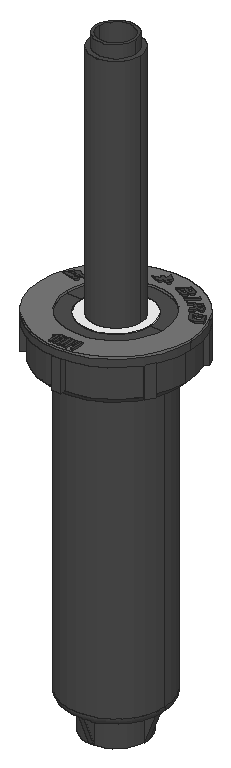
Revit family "Spray Bodies 1800 Series", category Acessórios do tubo, Revit 2020
Family settings
  Cota do conector redondo = Utilizar diâmetro
  Tipo de parte = Normal
  Número OmniClass = 23.60.30.11.14
  Título OmniClass = Pipework Fittings
  Com base no plano de trabalho = Não
  Sempre na vertical = Sim
  Corte com vazios quando carregada = Não
  Compartilhado = Não
Parameters (values of type "1804")
  White Plastic = White Plastic
  URL = "https://www.rainbird.com/"
  SupportProjetos: Reviw Date = "15/11/2020"  # constant formula
  SupportProjetos: Reviw = "R01"  # constant formula
  SupportProjetos: Level of Detail = "LOD 300"  # constant formula
  SupportProjetos: Developed = "MICHEL SOARES MOTA"  # constant formula
  SupportProjetos: Creation Date = "13/07/2020"  # constant formula
  Side inlet = Model > 1805  # no
  RainBird: Product Link = "https://store.rainbird.com/sprinklers/spray-heads.html?sprays_sprayheadseries=117"
  RainBird: Description = "Spray Bodies Serie 1800 - Model 1804"
  RainBird: Comment [instance] = ""
  RainBird: Code = "A44120"
  RT = 0.3015 cm
  RN = 1 cm
  R5 = 1 cm
  R4 = 1.25 cm
  R3 = 2 cm
  R2 = 2.85 cm
  R1 = 1 cm
  R-VAN = yes
  Pop up height = 10.2 cm
  Pop up on [instance] = yes
  Modelo = "1804"
  Model = 1804
  H1 = Body height / 3  # 5.0667 cm
  Elevação padrão = 0 cm
  Descrição = RainBird: Description  # "Spray Bodies Serie 1800 - Model 1804"
  DT8 = 0.08 cm
  DT7 = 3.05 cm
  DT6 = 2 cm
  DT5 = 0.12 cm
  DT4 = 0.5 cm
  DT3 = 0.7973 cm
  DT2 = 1 cm
  DT1 = 1.4 cm
  DD9 = 1.3673 cm
  DD8 [instance] = if(Pop up on, Pop up height, 0 cm)  # 10.2 cm
  DD7 = 0.6 cm
  DD6 = 0.3 cm
  DD5 = 0.2 cm
  DD3 = 1.8 cm
  DD2 = 0.5 cm
  DD13 = 1.5 cm
  DD12 [instance] = if(Pop up on, Pop up height + 1.51 cm, 0 cm)  # 11.71 cm
  DD11 = 0.2 cm
  DD10 = 2.7818 cm
  DD1 = 1.2 cm
  Conection = 1.91 cm  # constant formula
  Body height = 15.2 cm
  Black Plastic 2 = Black Plastic 2
  Black Plastic = Black Plastic
  Arch Angle [instance] = 180.00°
  AA1 = 135.00°
  1812 = no
  1806 = no
  1804 = yes
  180 = yes
Types (4, lengths in cm): name | Side inlet | RainBird: Description | RainBird: Code | Pop up height | Modelo | Model | H1 | Descrição | DD9 | DD8 | DD12 | DD11 | DD10 | Body height | 1812 | 1806 | 1804 | 180
  (no name) | no | "Spray Bodies Serie 1800 - Model 1804" | "A44120" | 10.2 | "1804" | 1804 | 5.0667 | "Spray Bodies Serie 1800 - Model 1804" | 1.3673 | 10.2 | 11.71 | 0.2 | 2.7818 | 15.2 | no | no | yes | yes
  1804 | no | "Spray Bodies Serie 1800 - Model 1804" | "A44120" | 10.2 | "1804" | 1804 | 5.0667 | "Spray Bodies Serie 1800 - Model 1804" | 1.3673 | 10.2 | 11.71 | 0.2 | 2.7818 | 15.2 | no | no | yes | yes
  1806 | yes | "Spray Bodies Serie 1800 - Model 1806" | "A44205" | 15.2 | "1806" | 1806 | 7.9333 | "Spray Bodies Serie 1800 - Model 1806" | 1.3673 | 15.2 | 16.71 | 0.1 | 2.7818 | 23.8 | no | yes | no | yes
  1812 | yes | "Spray Bodies Serie 1800 - Model 1812" | "A44305" | 30.5 | "1812" | 1812 | 13.5333 | "Spray Bodies Serie 1800 - Model 1812" | 2 | 30.5 | 32.01 | 0.6254 | 2.5 | 40.6 | yes | no | no | no
Reference planes (cm)
  plane 1 "Centro (Frente/Trás)": y = 0
  plane 2: z = 0
  plane 3 "Centro (Esquerda/Direita)": x = 0
  plane 4: z = 0.12
  plane 5: z = 0.08
  plane 6: y = -2
Forms (cm)
  Revolve 1, solid, material "Black Plastic" <- "Black Plastic"
    sketch origin (0, 0, 0) x (1, 0, 0) y (0, 0, 1)
      loop
        line (2.85, -1.5672) -> (2.85, -0.3) -> (3.05, -0.3) -> (3.05, 0) -> (1.4, 0) -> (1.4, -1) -> (1, -1) -> (1, -10.2) -> (0.6, -10.2) -> (0.6, -14) -> (1, -14) -> (1, -15.2) -> (1.25, -15.2) -> (1.25, -14) -> (1.6985, -14)
        arc (1.6985, -14) -> (1.9117, -13.9117) -> (2, -13.6985) r 0.3015
        line (2, -13.6985) -> (2, -2.1015)
        arc (2, -2.1015) -> (2.0883, -1.8883) -> (2.3015, -1.8) r 0.3015
        line (2.3015, -1.8) -> (2.6172, -1.8) -> (2.85, -1.5672)
      axis (0, -15.2) -> (0, 0)
    angle from 0 to 360
  Extrusion 2, solid, material "Black Plastic" <- "Black Plastic"
    sketch origin (0, 0, 0) x (1, 0, 0) y (0, 1, 0)
      loop
        circle (0, 0) r 1
    from -10.2 to 10.2
  Extrusion 3, void
    sketch origin (0, 0, 0) x (1, 0, 0) y (0, 1, 0)
      loop
        circle (0, 0) r 1
      loop
        circle (0, 0) r 0.7973
    from 9.7 to 10.2
  Extrusion 4, solid, material "Black Plastic" <- "Black Plastic", visible <- "180"
    sketch origin (0, -2.5, 0) x (1, 0, 0) y (0, 1, 0)
      loop
        line (-2.231, 3.2135) -> (-2.1644, 3.3339) -> (-2.3679, 3.3844) -> (-2.2992, 3.5085) -> (-2.0365, 3.4904) -> (-1.9715, 3.608) -> (-2.2887, 3.6298) -> (-2.4263, 3.706) -> (-2.6398, 3.6445) -> (-2.8298, 3.3622) -> (-2.231, 3.2135)
      loop
        line (-2.6663, 3.4585) -> (-2.4339, 3.4008) -> (-2.3526, 3.5478) -> (-2.4178, 3.6107) -> (-2.5587, 3.5701) -> (-2.6663, 3.4585)
      loop
        line (-1.9163, 3.7039) -> (-1.8175, 3.8064) -> (-1.8808, 3.8933) -> (-1.7232, 4.0568) -> (-1.6371, 4.0092) -> (-1.5763, 4.1193) -> (-2.1283, 4.1963) -> (-2.2118, 4.1098) -> (-1.9163, 3.7039)
      loop
        line (-2.0723, 4.0915) -> (-1.9537, 3.9286) -> (-1.8139, 4.0736) -> (-2.0723, 4.0915)
      loop
        line (-1.8177, 4.5186) -> (-1.3486, 4.2146) -> (-1.2727, 4.2934) -> (-1.7417, 4.5974) -> (-1.8177, 4.5186)
      loop
        line (-1.1151, 4.372) -> (-1.0305, 4.4599) -> (-1.2636, 4.6846) -> (-0.7593, 4.6142) -> (-0.6667, 4.7103) -> (-1.0803, 5.0567) -> (-1.1605, 4.9984) -> (-0.8466, 4.7354) -> (-1.4131, 4.8145) -> (-1.5049, 4.7477) -> (-1.1151, 4.372)
      loop
        line (-0.4562, 4.9237) -> (-0.283, 4.8466) -> (-0.0843, 4.7934) -> (0, 4.9138) -> (0.2358, 4.8722) -> (0.2981, 4.9345) -> (0.116, 5.0156) -> (0.2085, 5.1477) -> (-0.0336, 5.3172) -> (-0.0336, 5.1849) -> (-0.0336, 5.0821) -> (-0.1724, 5.1439) -> (-0.2428, 5.1033) -> (-0.1476, 5.0081) -> (-0.274, 4.9621) -> (-0.4562, 4.9237)
      loop
        line (0.6147, 4.7728) -> (0.9327, 4.5929) -> (1.0885, 4.5721) -> (1.1808, 4.6694) -> (1.1317, 4.7723) -> (1.2619, 4.7549) -> (1.334, 4.8309) -> (1.2754, 4.9539) -> (0.9573, 5.1338) -> (0.6147, 4.7728)
      loop
        line (0.8462, 4.8897) -> (0.7501, 4.7884) -> (0.9556, 4.6722) -> (1.0744, 4.6732) -> (1.0734, 4.7801) -> (0.8462, 4.8897)
      loop
        line (0.9989, 5.0507) -> (0.9222, 4.9699) -> (1.1173, 4.8595) -> (1.2037, 4.8602) -> (1.1883, 4.9435) -> (0.9989, 5.0507)
      loop
        line (1.2199, 4.4305) -> (1.3171, 4.3754) -> (1.7079, 4.7092) -> (1.6106, 4.7642) -> (1.2199, 4.4305)
      loop
        line (1.9335, 4.5079) -> (1.472, 4.2878) -> (1.5637, 4.2008) -> (1.7245, 4.2775) -> (1.8813, 4.1484) -> (1.7689, 4.0299) -> (1.857, 3.9063) -> (1.985, 3.9976) -> (2.0031, 4.1334) -> (2.1114, 4.0951) -> (2.2369, 4.155) -> (2.156, 4.3246) -> (1.9335, 4.5079)
      loop
        line (1.9261, 4.4053) -> (1.8225, 4.3559) -> (1.9436, 4.2141) -> (2.1112, 4.2155) -> (2.0556, 4.3321) -> (1.9261, 4.4053)
      loop
        line (1.9557, 3.8215) -> (2.1968, 3.4836) -> (2.3925, 3.4143) -> (2.7137, 3.5675) -> (2.6804, 3.6964) -> (2.4921, 3.9603) -> (1.9557, 3.8215)
      loop
        line (2.1302, 3.7523) -> (2.2577, 3.5736) -> (2.4889, 3.5756) -> (2.5959, 3.652) -> (2.4629, 3.8384) -> (2.1302, 3.7523)
      loop
        line (-0.516, -0.0627) -> (-0.4245, -0.0627) -> (-0.4245, -0.3834) -> (-0.3366, -0.3834) -> (-0.3366, 0.1166) -> (-0.516, -0.0627)
      loop
        line (-0.2745, 0.1165) -> (-0.2745, -0.3834) -> (-0.0345, -0.3834) -> (-0.0345, 0.1165) -> (-0.2745, 0.1165)
      loop
        line (-0.1945, 0.0365) -> (-0.1945, -0.0861) -> (-0.1145, -0.0861) -> (-0.1145, 0.0365) -> (-0.1945, 0.0365)
      loop
        line (-0.1945, -0.1661) -> (-0.1945, -0.3034) -> (-0.1145, -0.3034) -> (-0.1145, -0.1661) -> (-0.1945, -0.1661)
      loop
        line (0.0395, 0.1165) -> (0.0395, -0.3834) -> (0.2795, -0.3834) -> (0.2795, 0.1165) -> (0.0395, 0.1165)
      loop
        line (0.1195, 0.0365) -> (0.1195, -0.3034) -> (0.1995, -0.3034) -> (0.1995, 0.0365) -> (0.1195, 0.0365)
    from 0 to 0.12
  Extrusion 5, solid, material "Black Plastic 2" <- "Black Plastic 2"
    sketch origin (0, 0, 0) x (1, 0, 0) y (0, 1, 0)
      loop
        circle (0, 0) r 3.05
      loop
        circle (0, 0) r 2
    from 0 to 0.08
  Extrusion 6, solid, material "Black Plastic" <- "Black Plastic", visible <- "Side inlet"
    sketch origin (0, 0, 0) x (1, 0, 0) y (0, 0, 1)
      loop
        circle (0, -5.0667) r 1
    from 2 to 3.3673
  Extrusion 7, solid, material "Black Plastic" <- "Black Plastic", visible <- "Side inlet"
    sketch origin (0, 0, 0) x (1, 0, 0) y (0, 0, 1)
      loop
        circle (0, -5.0667) r 0.7964
    from 3.3673 to 3.8673
  Extrusion 8, void
    sketch origin (0, 0, 0) x (1, 0, 0) y (0, 1, 0)
      loop
        circle (0, 0) r 0.6963
    from -10.2 to 10.2
  Extrusion 9, solid, material "Black Plastic" <- "Black Plastic"
    sketch origin (0, 0, 0) x (0, 1, 0) y (0, 0, 1)
      loop
        line (1.25, -14) -> (1.25, -15.2) -> (1.75, -14) -> (1.25, -14)
      loop
        line (-1.25, -14) -> (-1.75, -14) -> (-1.25, -15.2) -> (-1.25, -14)
    from -0.1 to 0.1
  Extrusion 10, solid, material "Black Plastic" <- "Black Plastic"
    sketch origin (0, 0, 0) x (-1, 0, 0) y (0, 0, 1)
      loop
        line (1.25, -14) -> (1.25, -15.2) -> (1.75, -14) -> (1.25, -14)
      loop
        line (-1.25, -14) -> (-1.75, -14) -> (-1.25, -15.2) -> (-1.25, -14)
    from -0.1 to 0.1
  Extrusion 11, solid, material "Black Plastic" <- "Black Plastic", visible <- "1804"
    sketch origin (0.5778, -2.5, 0) x (1, 0, 0) y (0, 1, 0)
      loop
        line (-0.268, -0.156) -> (-0.108, -0.156) -> (-0.108, -0.3834) -> (-0.024, -0.3834) -> (-0.024, 0.1165) -> (-0.108, 0.1165) -> (-0.108, -0.0861) -> (-0.188, -0.0861) -> (-0.188, 0.1165) -> (-0.268, 0.1165) -> (-0.268, -0.156)
    from 0 to 0.12
  Extrusion 12, solid, material "Black Plastic" <- "Black Plastic", visible <- "1806"
    sketch origin (0.5778, -2.5, 0) x (1, 0, 0) y (0, 1, 0)
      loop
        line (-0.268, -0.3834) -> (-0.024, -0.3834) -> (-0.024, -0.0861) -> (-0.188, -0.0861) -> (-0.188, 0.0365) -> (-0.024, 0.0365) -> (-0.024, 0.1165) -> (-0.268, 0.1165) -> (-0.268, -0.3834)
      loop
        line (-0.188, -0.1661) -> (-0.188, -0.3034) -> (-0.108, -0.3034) -> (-0.108, -0.1661) -> (-0.188, -0.1661)
    from 0 to 0.12
  Extrusion 13, solid, material "Black Plastic" <- "Black Plastic", visible <- "1812"
    sketch origin (0, -2.5, 0) x (1, 0, 0) y (0, 1, 0)
      loop
        line (-2.231, 3.2135) -> (-2.1644, 3.3339) -> (-2.3679, 3.3844) -> (-2.2992, 3.5085) -> (-2.0365, 3.4904) -> (-1.9715, 3.608) -> (-2.2887, 3.6298) -> (-2.4263, 3.706) -> (-2.6398, 3.6445) -> (-2.8298, 3.3622) -> (-2.231, 3.2135)
      loop
        line (-2.6663, 3.4585) -> (-2.4339, 3.4008) -> (-2.3526, 3.5478) -> (-2.4178, 3.6107) -> (-2.5587, 3.5701) -> (-2.6663, 3.4585)
      loop
        line (-1.9163, 3.7039) -> (-1.8175, 3.8064) -> (-1.8808, 3.8933) -> (-1.7232, 4.0568) -> (-1.6371, 4.0092) -> (-1.5763, 4.1193) -> (-2.1283, 4.1963) -> (-2.2118, 4.1098) -> (-1.9163, 3.7039)
      loop
        line (-2.0723, 4.0915) -> (-1.9537, 3.9286) -> (-1.8139, 4.0736) -> (-2.0723, 4.0915)
      loop
        line (-1.8177, 4.5186) -> (-1.3486, 4.2146) -> (-1.2727, 4.2934) -> (-1.7417, 4.5974) -> (-1.8177, 4.5186)
      loop
        line (-1.1151, 4.372) -> (-1.0305, 4.4599) -> (-1.2636, 4.6846) -> (-0.7593, 4.6142) -> (-0.6667, 4.7103) -> (-1.0803, 5.0567) -> (-1.1605, 4.9984) -> (-0.8466, 4.7354) -> (-1.4131, 4.8145) -> (-1.5049, 4.7477) -> (-1.1151, 4.372)
      loop
        line (-0.4562, 4.9237) -> (-0.283, 4.8466) -> (-0.0843, 4.7934) -> (0, 4.9138) -> (0.2358, 4.8722) -> (0.2981, 4.9345) -> (0.116, 5.0156) -> (0.2085, 5.1477) -> (-0.0336, 5.3172) -> (-0.0336, 5.1849) -> (-0.0336, 5.0821) -> (-0.1724, 5.1439) -> (-0.2428, 5.1033) -> (-0.1476, 5.0081) -> (-0.274, 4.9621) -> (-0.4562, 4.9237)
      loop
        line (0.6147, 4.7728) -> (0.9327, 4.5929) -> (1.0885, 4.5721) -> (1.1808, 4.6694) -> (1.1317, 4.7723) -> (1.2619, 4.7549) -> (1.334, 4.8309) -> (1.2754, 4.9539) -> (0.9573, 5.1338) -> (0.6147, 4.7728)
      loop
        line (0.8462, 4.8897) -> (0.7501, 4.7884) -> (0.9556, 4.6722) -> (1.0744, 4.6732) -> (1.0734, 4.7801) -> (0.8462, 4.8897)
      loop
        line (0.9989, 5.0507) -> (0.9222, 4.9699) -> (1.1173, 4.8595) -> (1.2037, 4.8602) -> (1.1883, 4.9435) -> (0.9989, 5.0507)
      loop
        line (1.2199, 4.4305) -> (1.3171, 4.3754) -> (1.7079, 4.7092) -> (1.6106, 4.7642) -> (1.2199, 4.4305)
      loop
        line (1.9335, 4.5079) -> (1.472, 4.2878) -> (1.5637, 4.2008) -> (1.7245, 4.2775) -> (1.8813, 4.1484) -> (1.7689, 4.0299) -> (1.857, 3.9063) -> (1.985, 3.9976) -> (2.0031, 4.1334) -> (2.1114, 4.0951) -> (2.2369, 4.155) -> (2.156, 4.3246) -> (1.9335, 4.5079)
      loop
        line (1.9261, 4.4053) -> (1.8225, 4.3559) -> (1.9436, 4.2141) -> (2.1112, 4.2155) -> (2.0556, 4.3321) -> (1.9261, 4.4053)
      loop
        line (1.9557, 3.8215) -> (2.1968, 3.4836) -> (2.3925, 3.4143) -> (2.7137, 3.5675) -> (2.6804, 3.6964) -> (2.4921, 3.9603) -> (1.9557, 3.8215)
      loop
        line (2.1302, 3.7523) -> (2.2577, 3.5736) -> (2.4889, 3.5756) -> (2.5959, 3.652) -> (2.4629, 3.8384) -> (2.1302, 3.7523)
      loop
        line (-0.516, -0.0625) -> (-0.4245, -0.0625) -> (-0.4245, -0.3832) -> (-0.3366, -0.3832) -> (-0.3366, 0.1168) -> (-0.516, -0.0625)
      loop
        line (-0.2745, 0.1166) -> (-0.2745, -0.3832) -> (-0.0345, -0.3832) -> (-0.0345, 0.1166) -> (-0.2745, 0.1166)
      loop
        line (-0.1945, 0.0366) -> (-0.1945, -0.086) -> (-0.1145, -0.086) -> (-0.1145, 0.0366) -> (-0.1945, 0.0366)
      loop
        line (-0.1945, -0.166) -> (-0.1945, -0.3032) -> (-0.1145, -0.3032) -> (-0.1145, -0.166) -> (-0.1945, -0.166)
      loop
        line (0.2795, 0.1166) -> (0.1002, -0.0625) -> (0.1916, -0.0625) -> (0.1916, -0.3831) -> (0.2795, -0.3831) -> (0.2795, 0.1166)
      loop
        line (0.3097, 0.1165) -> (0.3097, 0.0365) -> (0.4697, 0.0365) -> (0.4697, -0.0861) -> (0.3097, -0.0861) -> (0.3097, -0.3834) -> (0.5537, -0.3834) -> (0.5537, -0.3032) -> (0.3897, -0.3032) -> (0.3897, -0.1664) -> (0.5537, -0.1664) -> (0.5537, 0.1165) -> (0.3097, 0.1165)
    from 0 to 0.12
  Extrusion 14, solid, material "Black Plastic" <- "Black Plastic"
    sketch origin (0, 0, 0) x (1, 0, 0) y (0, 1, 0)
      loop
        line (-0.1873, 3.0442) -> (-0.1873, 2.8126)
        arc (-0.1873, 2.8126) -> (0, 2.8188) -> (0.1873, 2.8126) r 2.8188
        line (0.1873, 2.8126) -> (0.1873, 3.0442)
        arc (0.1873, 3.0442) -> (0, 3.05) -> (-0.1873, 3.0442) r 3.05
      loop
        arc (-0.1873, -3.0442) -> (0, -3.05) -> (0.1873, -3.0442) r 3.05
        line (0.1873, -3.0442) -> (0.1873, -2.8126)
        arc (0.1873, -2.8126) -> (0, -2.8188) -> (-0.1873, -2.8126) r 2.8188
        line (-0.1873, -2.8126) -> (-0.1873, -3.0442)
      loop
        line (-2.73, 1.3599) -> (-2.5294, 1.2441)
        arc (-2.5294, 1.2441) -> (-2.4411, 1.4094) -> (-2.3421, 1.5685) r 2.8188
        line (-2.3421, 1.5685) -> (-2.5427, 1.6843)
        arc (-2.5427, 1.6843) -> (-2.6414, 1.525) -> (-2.73, 1.3599) r 3.05
      loop
        arc (2.5427, -1.6843) -> (2.6414, -1.525) -> (2.73, -1.3599) r 3.05
        line (2.73, -1.3599) -> (2.5294, -1.2441)
        arc (2.5294, -1.2441) -> (2.4411, -1.4094) -> (2.3421, -1.5685) r 2.8188
        line (2.3421, -1.5685) -> (2.5427, -1.6843)
      loop
        line (-2.5427, -1.6843) -> (-2.3421, -1.5685)
        arc (-2.3421, -1.5685) -> (-2.4411, -1.4094) -> (-2.5294, -1.2441) r 2.8188
        line (-2.5294, -1.2441) -> (-2.73, -1.3599)
        arc (-2.73, -1.3599) -> (-2.6414, -1.525) -> (-2.5427, -1.6843) r 3.05
      loop
        arc (2.73, 1.3599) -> (2.6414, 1.525) -> (2.5427, 1.6843) r 3.05
        line (2.5427, 1.6843) -> (2.3421, 1.5685)
        arc (2.3421, 1.5685) -> (2.4411, 1.4094) -> (2.5294, 1.2441) r 2.8188
        line (2.5294, 1.2441) -> (2.73, 1.3599)
    from -1.5672 to -0.3
Cuts and joins
  Extrusion 3, Extrusion 8 cuts Extrusion 2
Dimensions and locks (cm)
  "Body height": level to Revolve 1 sketch curve
  "R2": Revolve 1 sketch curve to plane 3 "Centro (Esquerda/Direita)"
  "DD1": Revolve 1 sketch curve to Revolve 1 sketch curve
  "DD3": level to Revolve 1 sketch curve
  "R3": Revolve 1 sketch curve to plane 3 "Centro (Esquerda/Direita)"
  "R4": Revolve 1 sketch curve to plane 3 "Centro (Esquerda/Direita)"
  "DD5": Revolve 1 sketch curve to Revolve 1 sketch curve
  "DD6": level to Revolve 1 sketch curve
  "RN": Revolve 1 sketch curve to plane 3 "Centro (Esquerda/Direita)"
  "Pop up height": level to Revolve 1 sketch curve
  "R5": plane 3 "Centro (Esquerda/Direita)" to Revolve 1 sketch curve
  "DD7": Revolve 1 sketch curve to plane 3 "Centro (Esquerda/Direita)"
  "DT1": plane 3 "Centro (Esquerda/Direita)" to Revolve 1 sketch curve
  "DT2": level to Revolve 1 sketch curve
  "DD8": Extrusion 2 to level
  "DT4": cut or joined group of Extrusion 2, Extrusion 3, Extrusion 8 to cut or joined group of Extrusion 2, Extrusion 3, Extrusion 8
  "DT5": plane 4 to level
  "DT8": plane 5 to level
  "H1": level to Extrusion 6 sketch curve
  "R3": plane 6 to plane 1 "Centro (Frente/Trás)"
  "DD9": Extrusion 6 to plane 6
  locked: Extrusion 7 to Extrusion 6 at 0.5
  "H1": level to Extrusion 7 sketch curve
  equal spacing: Extrusion 9, plane 3 "Centro (Esquerda/Direita)", Extrusion 9
  "DD11": Extrusion 9 to Extrusion 9
  equal spacing: Extrusion 10, plane 1 "Centro (Frente/Trás)", Extrusion 10
  "DD11": Extrusion 10 to Extrusion 10
  plane 3 "Centro (Esquerda/Direita)" to Extrusion 14 = 0.1873 cm
  "RT": radius of Revolve 1 sketch curve  (x2)
  "R1": radius of Extrusion 2 sketch curve
  "R1": radius of Extrusion 3 sketch curve
  "DT3": radius of Extrusion 3 sketch curve
  "DT6": radius of Extrusion 5 sketch curve
  "DT7": radius of Extrusion 5 sketch curve
  "AA1": angle Revolve 1 sketch curve to Revolve 1 sketch curve
  aligned and locked: level to plane 2
  aligned and locked: level to Revolve 1 sketch curve
  aligned and locked: Revolve 1 sketch curve to Revolve 1 sketch curve
  aligned and locked: Extrusion 2 to Revolve 1
  aligned and locked: cut or joined group of Extrusion 2, Extrusion 3, Extrusion 8 to cut or joined group of Extrusion 2, Extrusion 3, Extrusion 8  (x3)
  aligned and locked: Extrusion 4 to level
  aligned and locked: plane 4 to Extrusion 4
  aligned and locked: Extrusion 5 to level
  aligned and locked: plane 5 to Extrusion 5
  aligned and locked: plane 6 to Extrusion 6
  aligned and locked: Extrusion 7 to Extrusion 6
  aligned and locked: Extrusion 9 to Revolve 1
  aligned and locked: Extrusion 10 to Revolve 1
  aligned and locked: Revolve 1 to Extrusion 10
  aligned and locked: Revolve 1 to Extrusion 9
  aligned and locked: Revolve 1 to Extrusion 14  (x2)
Automatic sketch dimensions
  plane 1 "Centro (Frente/Trás)" to Extrusion 2 sketch curve = 0 cm
  Extrusion 2 sketch curve to plane 3 "Centro (Esquerda/Direita)" = 0 cm
  Extrusion 4 sketch curve to plane 3 "Centro (Esquerda/Direita)" = 0 cm
  Extrusion 4 sketch curve to plane 3 "Centro (Esquerda/Direita)" = 0.0336 cm
  Extrusion 4 sketch curve to plane 3 "Centro (Esquerda/Direita)" = 0.0345 cm
  Extrusion 4 sketch curve to plane 3 "Centro (Esquerda/Direita)" = 0.0843 cm
  Extrusion 4 sketch curve to plane 3 "Centro (Esquerda/Direita)" = 0.1145 cm
  Extrusion 4 sketch curve to Extrusion 4 sketch curve = 0.08 cm  (x11)
  Extrusion 4 sketch curve to Extrusion 4 sketch curve = 0.114 cm
  Extrusion 4 sketch curve to Extrusion 4 sketch curve = 0.0248 cm
  Extrusion 4 sketch curve to Extrusion 4 sketch curve = 0.0704 cm
  Extrusion 4 sketch curve to Extrusion 4 sketch curve = 0.1264 cm
  Extrusion 4 sketch curve to Extrusion 4 sketch curve = 0.009 cm
  Extrusion 4 sketch curve to Extrusion 4 sketch curve = 0.0622 cm  (x3)
  Extrusion 4 sketch curve to Extrusion 4 sketch curve = 0.0879 cm
  Extrusion 4 sketch curve to Extrusion 4 sketch curve = 0.1822 cm
  Extrusion 4 sketch curve to Extrusion 4 sketch curve = 0.0914 cm
  Extrusion 4 sketch curve to Extrusion 4 sketch curve = 0.2105 cm
  Extrusion 4 sketch curve to Extrusion 4 sketch curve = 0.0927 cm
  Extrusion 4 sketch curve to Extrusion 4 sketch curve = 0.0872 cm  (x2)
  Extrusion 4 sketch curve to Extrusion 4 sketch curve = 0.2711 cm
  Extrusion 4 sketch curve to Extrusion 4 sketch curve = 0.2338 cm
  Extrusion 4 sketch curve to Extrusion 4 sketch curve = 0.0847 cm  (x2)
  Extrusion 4 sketch curve to Extrusion 4 sketch curve = 0.0802 cm
  Extrusion 4 sketch curve to Extrusion 4 sketch curve = 0.2331 cm
  Extrusion 4 sketch curve to Extrusion 4 sketch curve = 0.1575 cm
  Extrusion 4 sketch curve to Extrusion 4 sketch curve = 0.0759 cm  (x2)
  Extrusion 4 sketch curve to Extrusion 4 sketch curve = 0.1495 cm
  Extrusion 4 sketch curve to Extrusion 4 sketch curve = 0.0917 cm  (x2)
  Extrusion 4 sketch curve to Extrusion 4 sketch curve = 0.2277 cm
  Extrusion 4 sketch curve to Extrusion 4 sketch curve = 0.0609 cm  (x2)
  Extrusion 4 sketch curve to Extrusion 4 sketch curve = 0.0861 cm
  Extrusion 4 sketch curve to Extrusion 4 sketch curve = 0.2369 cm
  Extrusion 4 sketch curve to Extrusion 4 sketch curve = 0.0907 cm
  Extrusion 4 sketch curve to Extrusion 4 sketch curve = 0.0037 cm
  Extrusion 4 sketch curve to Extrusion 4 sketch curve = 0.0633 cm
  Extrusion 4 sketch curve to Extrusion 4 sketch curve = 0.0988 cm
  Extrusion 4 sketch curve to Extrusion 4 sketch curve = 0.0729 cm
  Extrusion 4 sketch curve to Extrusion 4 sketch curve = 0.0551 cm
  Extrusion 4 sketch curve to plane 1 "Centro (Frente/Trás)" = 0.9904 cm
  Extrusion 4 sketch curve to Extrusion 4 sketch curve = 0.065 cm
  Extrusion 4 sketch curve to Extrusion 4 sketch curve = 0.1186 cm
  Extrusion 4 sketch curve to Extrusion 4 sketch curve = 0.056 cm
  Extrusion 4 sketch curve to plane 1 "Centro (Frente/Trás)" = 0.8339 cm
  Extrusion 4 sketch curve to Extrusion 4 sketch curve = 0.1279 cm
  Extrusion 4 sketch curve to Extrusion 4 sketch curve = 0.0835 cm
  Extrusion 4 sketch curve to plane 1 "Centro (Frente/Trás)" = 0.7135 cm
  Extrusion 4 sketch curve to Extrusion 4 sketch curve = 0.0666 cm  (x2)
  Extrusion 4 sketch curve to plane 1 "Centro (Frente/Trás)" = 1.1298 cm
  Extrusion 4 sketch curve to Extrusion 4 sketch curve = 0.2521 cm
  Extrusion 4 sketch curve to plane 1 "Centro (Frente/Trás)" = 1.0085 cm
  Extrusion 4 sketch curve to Extrusion 4 sketch curve = 0.0106 cm
  Extrusion 4 sketch curve to plane 1 "Centro (Frente/Trás)" = 1.0478 cm
  Extrusion 4 sketch curve to Extrusion 4 sketch curve = 0.0534 cm
  Extrusion 4 sketch curve to plane 1 "Centro (Frente/Trás)" = 0.8844 cm
  Extrusion 4 sketch curve to Extrusion 4 sketch curve = 0.0686 cm
  Extrusion 4 sketch curve to plane 1 "Centro (Frente/Trás)" = 1.1107 cm
  Extrusion 4 sketch curve to Extrusion 4 sketch curve = 0.0652 cm
  Extrusion 4 sketch curve to plane 1 "Centro (Frente/Trás)" = 1.206 cm
  Extrusion 4 sketch curve to Extrusion 4 sketch curve = 0.0084 cm
  Extrusion 4 sketch curve to plane 1 "Centro (Frente/Trás)" = 0.9008 cm
  Extrusion 4 sketch curve to Extrusion 4 sketch curve = 0.066 cm
  Extrusion 4 sketch curve to plane 1 "Centro (Frente/Trás)" = 1.0701 cm
  Extrusion 4 sketch curve to Extrusion 4 sketch curve = 0.1408 cm
  Extrusion 4 sketch curve to plane 1 "Centro (Frente/Trás)" = 1.1445 cm
  Extrusion 4 sketch curve to Extrusion 4 sketch curve = 0.0811 cm  (x2)
  Extrusion 4 sketch curve to plane 1 "Centro (Frente/Trás)" = 0.9585 cm
  Extrusion 4 sketch curve to Extrusion 4 sketch curve = 0.1076 cm
  Extrusion 4 sketch curve to plane 1 "Centro (Frente/Trás)" = 0.8622 cm
  Extrusion 4 sketch curve to Extrusion 4 sketch curve = 0.1635 cm
  plane 3 "Centro (Esquerda/Direita)" to Extrusion 4 sketch curve = 0.0395 cm
  plane 3 "Centro (Esquerda/Direita)" to Extrusion 4 sketch curve = 0.116 cm
  Extrusion 4 sketch curve to Extrusion 4 sketch curve = 0.0925 cm
  Extrusion 4 sketch curve to Extrusion 4 sketch curve = 0.1199 cm
  Extrusion 4 sketch curve to Extrusion 4 sketch curve = 0.3166 cm
  Extrusion 4 sketch curve to Extrusion 4 sketch curve = 0.1353 cm
  Extrusion 4 sketch curve to Extrusion 4 sketch curve = 0.0961 cm  (x2)
  Extrusion 4 sketch curve to Extrusion 4 sketch curve = 0.076 cm  (x2)
  Extrusion 4 sketch curve to Extrusion 4 sketch curve = 0.1827 cm
  Extrusion 4 sketch curve to Extrusion 4 sketch curve = 0.0229 cm
  Extrusion 4 sketch curve to Extrusion 4 sketch curve = 0.0351 cm
  Extrusion 4 sketch curve to Extrusion 4 sketch curve = 0.0416 cm
  Extrusion 4 sketch curve to Extrusion 4 sketch curve = 0.1178 cm
  Extrusion 4 sketch curve to Extrusion 4 sketch curve = 0.0009 cm
  Extrusion 4 sketch curve to Extrusion 4 sketch curve = 0.0141 cm
  Extrusion 4 sketch curve to Extrusion 4 sketch curve = 0.0439 cm
  Extrusion 4 sketch curve to Extrusion 4 sketch curve = 0.0583 cm
  Extrusion 4 sketch curve to Extrusion 4 sketch curve = 0.1064 cm
  Extrusion 4 sketch curve to Extrusion 4 sketch curve = 0.071 cm
  Extrusion 4 sketch curve to Extrusion 4 sketch curve = 0.0154 cm
  Extrusion 4 sketch curve to Extrusion 4 sketch curve = 0.1314 cm
  Extrusion 4 sketch curve to Extrusion 4 sketch curve = 0.0871 cm
  Extrusion 4 sketch curve to Extrusion 4 sketch curve = 0.0973 cm  (x3)
  Extrusion 4 sketch curve to Extrusion 4 sketch curve = 0.0721 cm
  Extrusion 4 sketch curve to Extrusion 4 sketch curve = 0.1549 cm
  Extrusion 4 sketch curve to Extrusion 4 sketch curve = 0.2766 cm
  Extrusion 4 sketch curve to Extrusion 4 sketch curve = 0.1608 cm
  Extrusion 4 sketch curve to Extrusion 4 sketch curve = 0.0443 cm
  Extrusion 4 sketch curve to Extrusion 4 sketch curve = 0.098 cm
  Extrusion 4 sketch curve to Extrusion 4 sketch curve = 0.0882 cm
  Extrusion 4 sketch curve to Extrusion 4 sketch curve = 0.1125 cm
  Extrusion 4 sketch curve to Extrusion 4 sketch curve = 0.1036 cm
  Extrusion 4 sketch curve to Extrusion 4 sketch curve = 0.0073 cm
  Extrusion 4 sketch curve to Extrusion 4 sketch curve = 0.0623 cm
  Extrusion 4 sketch curve to Extrusion 4 sketch curve = 0.0987 cm
  Extrusion 4 sketch curve to Extrusion 4 sketch curve = 0.128 cm
  Extrusion 4 sketch curve to Extrusion 4 sketch curve = 0.0595 cm
  Extrusion 4 sketch curve to Extrusion 4 sketch curve = 0.1295 cm
  Extrusion 4 sketch curve to Extrusion 4 sketch curve = 0.0556 cm
  Extrusion 4 sketch curve to Extrusion 4 sketch curve = 0.1083 cm
  Extrusion 4 sketch curve to Extrusion 4 sketch curve = 0.1745 cm
  Extrusion 4 sketch curve to Extrusion 4 sketch curve = 0.1004 cm
  Extrusion 4 sketch curve to plane 1 "Centro (Frente/Trás)" = 0.9836 cm
  Extrusion 4 sketch curve to Extrusion 4 sketch curve = 0.1255 cm
  Extrusion 4 sketch curve to plane 1 "Centro (Frente/Trás)" = 1.0736 cm
  Extrusion 4 sketch curve to plane 1 "Centro (Frente/Trás)" = 0.9143 cm
  Extrusion 4 sketch curve to Extrusion 4 sketch curve = 0.1957 cm
  Extrusion 4 sketch curve to Extrusion 4 sketch curve = 0.2053 cm
  Extrusion 4 sketch curve to plane 1 "Centro (Frente/Trás)" = 1.0756 cm
  Extrusion 4 sketch curve to Extrusion 4 sketch curve = 0.0964 cm
  Extrusion 4 sketch curve to Extrusion 4 sketch curve = 0.0292 cm
  Extrusion 4 sketch curve to plane 1 "Centro (Frente/Trás)" = 1.152 cm
  Extrusion 4 sketch curve to Extrusion 4 sketch curve = 0.107 cm
  Extrusion 4 sketch curve to plane 1 "Centro (Frente/Trás)" = 1.1964 cm
  Extrusion 4 sketch curve to Extrusion 4 sketch curve = 0.0844 cm
  Extrusion 4 sketch curve to plane 1 "Centro (Frente/Trás)" = 1.0675 cm
  Extrusion 4 sketch curve to Extrusion 4 sketch curve = 0.0333 cm
  Extrusion 4 sketch curve to plane 6 = 0.3834 cm
  Extrusion 4 sketch curve to Extrusion 4 sketch curve = 0.0001 cm
  Extrusion 4 sketch curve to Extrusion 4 sketch curve = 0 cm  (x4)
  Extrusion 4 sketch curve to Extrusion 4 sketch curve = 0.1793 cm
  Extrusion 4 sketch curve to Extrusion 4 sketch curve = 0.1226 cm
  Extrusion 4 sketch curve to Extrusion 4 sketch curve = 0.1372 cm
  Extrusion 4 sketch curve to Extrusion 4 sketch curve = 0.1176 cm
  Extrusion 4 sketch curve to Extrusion 4 sketch curve = 0.096 cm
  Extrusion 4 sketch curve to Extrusion 4 sketch curve = 0.1787 cm
  Extrusion 4 sketch curve to Extrusion 4 sketch curve = 0.1025 cm
  Extrusion 4 sketch curve to Extrusion 4 sketch curve = 0.0692 cm
  Extrusion 4 sketch curve to Extrusion 4 sketch curve = 0.0869 cm
  Extrusion 4 sketch curve to Extrusion 4 sketch curve = 0.0353 cm
  Extrusion 4 sketch curve to Extrusion 4 sketch curve = 0.1219 cm
  Extrusion 4 sketch curve to Extrusion 4 sketch curve = 0.0913 cm
  Extrusion 4 sketch curve to Extrusion 4 sketch curve = 0.1159 cm
  Extrusion 4 sketch curve to Extrusion 4 sketch curve = 0.0476 cm
  Extrusion 4 sketch curve to Extrusion 4 sketch curve = 0.0168 cm
  Extrusion 4 sketch curve to Extrusion 4 sketch curve = 0.1629 cm
  Extrusion 4 sketch curve to Extrusion 4 sketch curve = 0.0975 cm
  Extrusion 4 sketch curve to Extrusion 4 sketch curve = 0.0183 cm
  Extrusion 4 sketch curve to Extrusion 4 sketch curve = 0.0383 cm
  Extrusion 4 sketch curve to Extrusion 4 sketch curve = 0.015 cm
  Extrusion 4 sketch curve to Extrusion 4 sketch curve = 0.0599 cm
  Extrusion 4 sketch curve to Extrusion 4 sketch curve = 0.1049 cm
  Extrusion 4 sketch curve to Extrusion 4 sketch curve = 0.1709 cm
  Extrusion 4 sketch curve to Extrusion 4 sketch curve = 0.0657 cm
  Extrusion 4 sketch curve to Extrusion 4 sketch curve = 0.0953 cm
  Extrusion 4 sketch curve to Extrusion 4 sketch curve = 0.1091 cm
  Extrusion 4 sketch curve to Extrusion 4 sketch curve = 0.0767 cm
  Extrusion 4 sketch curve to Extrusion 4 sketch curve = 0.087 cm
  Extrusion 4 sketch curve to Extrusion 4 sketch curve = 0.0788 cm  (x3)
  Extrusion 4 sketch curve to Extrusion 4 sketch curve = 0.0074 cm
  Extrusion 4 sketch curve to Extrusion 4 sketch curve = 0.0783 cm
  Extrusion 4 sketch curve to Extrusion 4 sketch curve = 0.0787 cm
  Extrusion 4 sketch curve to Extrusion 4 sketch curve = 0.0876 cm
  Extrusion 4 sketch curve to Extrusion 4 sketch curve = 0.0494 cm
  Extrusion 4 sketch curve to Extrusion 4 sketch curve = 0.055 cm  (x2)
  Extrusion 4 sketch curve to Extrusion 4 sketch curve = 0.0878 cm
  Extrusion 4 sketch curve to Extrusion 4 sketch curve = 0.1026 cm
  Extrusion 4 sketch curve to Extrusion 4 sketch curve = 0.2291 cm
  Extrusion 4 sketch curve to Extrusion 4 sketch curve = 0.1417 cm
  Extrusion 4 sketch curve to Extrusion 4 sketch curve = 0.0208 cm
  Extrusion 4 sketch curve to Extrusion 4 sketch curve = 0.1543 cm
  Extrusion 4 sketch curve to Extrusion 4 sketch curve = 0.0792 cm
  Extrusion 4 sketch curve to Extrusion 4 sketch curve = 0.1011 cm
  Extrusion 4 sketch curve to Extrusion 4 sketch curve = 0.2013 cm
  Extrusion 4 sketch curve to Extrusion 4 sketch curve = 0.1212 cm
  Extrusion 4 sketch curve to Extrusion 4 sketch curve = 0.0855 cm
  Extrusion 4 sketch curve to Extrusion 4 sketch curve = 0.0078 cm
  Extrusion 4 sketch curve to Extrusion 4 sketch curve = 0.1007 cm
  Extrusion 4 sketch curve to Extrusion 4 sketch curve = 0.0156 cm
  Extrusion 4 sketch curve to Extrusion 4 sketch curve = 0.0831 cm
  Extrusion 4 sketch curve to Extrusion 4 sketch curve = 0.0668 cm
  Extrusion 4 sketch curve to Extrusion 4 sketch curve = 0.0532 cm
  Extrusion 4 sketch curve to Extrusion 4 sketch curve = 0.0008 cm
  Extrusion 4 sketch curve to Extrusion 4 sketch curve = 0.1013 cm
  Extrusion 4 sketch curve to Extrusion 4 sketch curve = 0.1204 cm
  Extrusion 4 sketch curve to Extrusion 4 sketch curve = 0.0771 cm
  Extrusion 4 sketch curve to Extrusion 4 sketch curve = 0.0832 cm  (x2)
  Extrusion 4 sketch curve to Extrusion 4 sketch curve = 0.0104 cm
  Extrusion 4 sketch curve to Extrusion 4 sketch curve = 0.1155 cm
  Extrusion 4 sketch curve to Extrusion 4 sketch curve = 0.0801 cm
  Extrusion 4 sketch curve to Extrusion 4 sketch curve = 0.1839 cm
  Extrusion 4 sketch curve to Extrusion 4 sketch curve = 0.046 cm
  Extrusion 4 sketch curve to Extrusion 4 sketch curve = 0.1018 cm
  Extrusion 4 sketch curve to Extrusion 4 sketch curve = 0.0808 cm
  Extrusion 4 sketch curve to Extrusion 4 sketch curve = 0.0584 cm
  Extrusion 4 sketch curve to Extrusion 4 sketch curve = 0.074 cm
  Extrusion 4 sketch curve to Extrusion 4 sketch curve = 0.0952 cm
  Extrusion 4 sketch curve to Extrusion 4 sketch curve = 0.0406 cm
  Extrusion 4 sketch curve to Extrusion 4 sketch curve = 0.1321 cm
  Extrusion 4 sketch curve to Extrusion 4 sketch curve = 0.1028 cm
  plane 1 "Centro (Frente/Trás)" to Extrusion 8 sketch curve = 0 cm
  Extrusion 8 sketch curve to plane 3 "Centro (Esquerda/Direita)" = 0 cm
  plane 6 to Extrusion 9 sketch curve = 0.25 cm
  plane 6 to Extrusion 9 sketch curve = 0.75 cm
  Extrusion 9 sketch curve to plane 1 "Centro (Frente/Trás)" = 1.25 cm
  Extrusion 9 sketch curve to Extrusion 9 sketch curve = 0.5 cm
  Extrusion 9 sketch curve to level = 15.2 cm
  Extrusion 9 sketch curve to Extrusion 9 sketch curve = 0 cm
  Extrusion 9 sketch curve to Extrusion 9 sketch curve = 1.2 cm  (x2)
  plane 3 "Centro (Esquerda/Direita)" to Extrusion 10 sketch curve = 1.75 cm
  plane 3 "Centro (Esquerda/Direita)" to Extrusion 10 sketch curve = 1.25 cm
  Extrusion 10 sketch curve to plane 3 "Centro (Esquerda/Direita)" = 1.25 cm
  Extrusion 10 sketch curve to Extrusion 10 sketch curve = 0.5 cm
  Extrusion 10 sketch curve to level = 15.2 cm
  Extrusion 10 sketch curve to Extrusion 10 sketch curve = 0 cm
  Extrusion 10 sketch curve to Extrusion 10 sketch curve = 1.2 cm  (x2)
  plane 3 "Centro (Esquerda/Direita)" to Extrusion 11 sketch curve = 0.3097 cm
  Extrusion 11 sketch curve to Extrusion 11 sketch curve = 0.08 cm  (x2)
  Extrusion 11 sketch curve to Extrusion 11 sketch curve = 0 cm  (x2)
  Extrusion 11 sketch curve to Extrusion 11 sketch curve = 0.084 cm
  Extrusion 11 sketch curve to plane 6 = 0.8834 cm
  Extrusion 11 sketch curve to Extrusion 11 sketch curve = 0.2273 cm
  Extrusion 11 sketch curve to Extrusion 11 sketch curve = 0.0699 cm
  Extrusion 11 sketch curve to Extrusion 11 sketch curve = 0.2026 cm
  plane 3 "Centro (Esquerda/Direita)" to Extrusion 12 sketch curve = 0.3097 cm
  Extrusion 12 sketch curve to Extrusion 12 sketch curve = 0.08 cm  (x6)
  Extrusion 12 sketch curve to Extrusion 12 sketch curve = 0.084 cm
  Extrusion 12 sketch curve to Extrusion 12 sketch curve = 0.164 cm
  Extrusion 12 sketch curve to plane 6 = 0.8834 cm
  Extrusion 12 sketch curve to Extrusion 12 sketch curve = 0.1372 cm
  Extrusion 12 sketch curve to Extrusion 12 sketch curve = 0.1226 cm
  Extrusion 13 sketch curve to plane 3 "Centro (Esquerda/Direita)" = 0 cm
  Extrusion 13 sketch curve to plane 3 "Centro (Esquerda/Direita)" = 0.0336 cm
  Extrusion 13 sketch curve to plane 3 "Centro (Esquerda/Direita)" = 0.0345 cm
  Extrusion 13 sketch curve to plane 3 "Centro (Esquerda/Direita)" = 0.0843 cm
  Extrusion 13 sketch curve to plane 3 "Centro (Esquerda/Direita)" = 0.1145 cm
  Extrusion 13 sketch curve to Extrusion 13 sketch curve = 0 cm  (x2)
  Extrusion 13 sketch curve to Extrusion 13 sketch curve = 0.114 cm
  Extrusion 13 sketch curve to Extrusion 13 sketch curve = 0.0248 cm
  Extrusion 13 sketch curve to Extrusion 13 sketch curve = 0.08 cm  (x8)
  Extrusion 13 sketch curve to Extrusion 13 sketch curve = 0.0704 cm
  Extrusion 13 sketch curve to Extrusion 13 sketch curve = 0.1264 cm
  Extrusion 13 sketch curve to Extrusion 13 sketch curve = 0.009 cm
  Extrusion 13 sketch curve to Extrusion 13 sketch curve = 0.0622 cm  (x3)
  Extrusion 13 sketch curve to Extrusion 13 sketch curve = 0.0879 cm  (x2)
  Extrusion 13 sketch curve to Extrusion 13 sketch curve = 0.1822 cm
  Extrusion 13 sketch curve to Extrusion 13 sketch curve = 0.0914 cm
  Extrusion 13 sketch curve to Extrusion 13 sketch curve = 0.2105 cm
  Extrusion 13 sketch curve to Extrusion 13 sketch curve = 0.0927 cm
  Extrusion 13 sketch curve to Extrusion 13 sketch curve = 0.0872 cm  (x2)
  Extrusion 13 sketch curve to Extrusion 13 sketch curve = 0.2711 cm
  Extrusion 13 sketch curve to Extrusion 13 sketch curve = 0.2338 cm
  Extrusion 13 sketch curve to Extrusion 13 sketch curve = 0.0847 cm  (x2)
  Extrusion 13 sketch curve to Extrusion 13 sketch curve = 0.0802 cm
  Extrusion 13 sketch curve to Extrusion 13 sketch curve = 0.2331 cm
  Extrusion 13 sketch curve to Extrusion 13 sketch curve = 0.1575 cm
  Extrusion 13 sketch curve to Extrusion 13 sketch curve = 0.0759 cm  (x2)
  Extrusion 13 sketch curve to Extrusion 13 sketch curve = 0.1495 cm
  Extrusion 13 sketch curve to Extrusion 13 sketch curve = 0.0917 cm  (x2)
  Extrusion 13 sketch curve to Extrusion 13 sketch curve = 0.2277 cm
  Extrusion 13 sketch curve to Extrusion 13 sketch curve = 0.0609 cm  (x2)
  Extrusion 13 sketch curve to Extrusion 13 sketch curve = 0.0861 cm
  Extrusion 13 sketch curve to Extrusion 13 sketch curve = 0.2369 cm
  Extrusion 13 sketch curve to Extrusion 13 sketch curve = 0.0907 cm
  Extrusion 13 sketch curve to Extrusion 13 sketch curve = 0.0037 cm
  Extrusion 13 sketch curve to Extrusion 13 sketch curve = 0.0633 cm
  Extrusion 13 sketch curve to Extrusion 13 sketch curve = 0.0988 cm
  Extrusion 13 sketch curve to Extrusion 13 sketch curve = 0.0729 cm
  Extrusion 13 sketch curve to Extrusion 13 sketch curve = 0.0551 cm
  Extrusion 13 sketch curve to plane 1 "Centro (Frente/Trás)" = 0.9904 cm
  Extrusion 13 sketch curve to Extrusion 13 sketch curve = 0.065 cm
  Extrusion 13 sketch curve to Extrusion 13 sketch curve = 0.1186 cm
  Extrusion 13 sketch curve to Extrusion 13 sketch curve = 0.056 cm
  Extrusion 13 sketch curve to plane 1 "Centro (Frente/Trás)" = 0.8339 cm
  Extrusion 13 sketch curve to Extrusion 13 sketch curve = 0.1279 cm
  Extrusion 13 sketch curve to Extrusion 13 sketch curve = 0.0835 cm
  Extrusion 13 sketch curve to plane 1 "Centro (Frente/Trás)" = 0.7135 cm
  Extrusion 13 sketch curve to Extrusion 13 sketch curve = 0.0666 cm  (x2)
  Extrusion 13 sketch curve to plane 1 "Centro (Frente/Trás)" = 1.1298 cm
  Extrusion 13 sketch curve to Extrusion 13 sketch curve = 0.2521 cm
  Extrusion 13 sketch curve to plane 1 "Centro (Frente/Trás)" = 1.0085 cm
  Extrusion 13 sketch curve to Extrusion 13 sketch curve = 0.0106 cm
  Extrusion 13 sketch curve to plane 1 "Centro (Frente/Trás)" = 1.0478 cm
  Extrusion 13 sketch curve to Extrusion 13 sketch curve = 0.0534 cm
  Extrusion 13 sketch curve to plane 1 "Centro (Frente/Trás)" = 0.8844 cm
  Extrusion 13 sketch curve to Extrusion 13 sketch curve = 0.0686 cm
  Extrusion 13 sketch curve to plane 1 "Centro (Frente/Trás)" = 1.1107 cm
  Extrusion 13 sketch curve to Extrusion 13 sketch curve = 0.0652 cm
  Extrusion 13 sketch curve to plane 1 "Centro (Frente/Trás)" = 1.206 cm
  Extrusion 13 sketch curve to Extrusion 13 sketch curve = 0.0084 cm
  Extrusion 13 sketch curve to plane 1 "Centro (Frente/Trás)" = 0.9008 cm
  Extrusion 13 sketch curve to Extrusion 13 sketch curve = 0.066 cm
  Extrusion 13 sketch curve to plane 1 "Centro (Frente/Trás)" = 1.0701 cm
  Extrusion 13 sketch curve to Extrusion 13 sketch curve = 0.1408 cm
  Extrusion 13 sketch curve to plane 1 "Centro (Frente/Trás)" = 1.1445 cm
  Extrusion 13 sketch curve to Extrusion 13 sketch curve = 0.0811 cm  (x2)
  Extrusion 13 sketch curve to plane 1 "Centro (Frente/Trás)" = 0.9585 cm
  Extrusion 13 sketch curve to Extrusion 13 sketch curve = 0.1076 cm
  Extrusion 13 sketch curve to plane 1 "Centro (Frente/Trás)" = 0.8622 cm
  Extrusion 13 sketch curve to Extrusion 13 sketch curve = 0.1635 cm
  plane 3 "Centro (Esquerda/Direita)" to Extrusion 13 sketch curve = 0.1002 cm
  plane 3 "Centro (Esquerda/Direita)" to Extrusion 13 sketch curve = 0.116 cm
  plane 3 "Centro (Esquerda/Direita)" to Extrusion 13 sketch curve = 0.1916 cm
  Extrusion 13 sketch curve to Extrusion 13 sketch curve = 0.0925 cm
  Extrusion 13 sketch curve to Extrusion 13 sketch curve = 0.1199 cm
  Extrusion 13 sketch curve to Extrusion 13 sketch curve = 0.0302 cm  (x2)
  Extrusion 13 sketch curve to Extrusion 13 sketch curve = 0.16 cm
  Extrusion 13 sketch curve to Extrusion 13 sketch curve = 0.164 cm
  Extrusion 13 sketch curve to Extrusion 13 sketch curve = 0.3166 cm
  Extrusion 13 sketch curve to Extrusion 13 sketch curve = 0.1353 cm
  Extrusion 13 sketch curve to Extrusion 13 sketch curve = 0.0961 cm  (x2)
  Extrusion 13 sketch curve to Extrusion 13 sketch curve = 0.076 cm  (x2)
  Extrusion 13 sketch curve to Extrusion 13 sketch curve = 0.1827 cm
  Extrusion 13 sketch curve to Extrusion 13 sketch curve = 0.0229 cm
  Extrusion 13 sketch curve to Extrusion 13 sketch curve = 0.0351 cm
  Extrusion 13 sketch curve to Extrusion 13 sketch curve = 0.0416 cm
  Extrusion 13 sketch curve to Extrusion 13 sketch curve = 0.1178 cm
  Extrusion 13 sketch curve to Extrusion 13 sketch curve = 0.0009 cm
  Extrusion 13 sketch curve to Extrusion 13 sketch curve = 0.0141 cm
  Extrusion 13 sketch curve to Extrusion 13 sketch curve = 0.0439 cm
  Extrusion 13 sketch curve to Extrusion 13 sketch curve = 0.0583 cm
  Extrusion 13 sketch curve to Extrusion 13 sketch curve = 0.1064 cm
  Extrusion 13 sketch curve to Extrusion 13 sketch curve = 0.071 cm
  Extrusion 13 sketch curve to Extrusion 13 sketch curve = 0.0154 cm
  Extrusion 13 sketch curve to Extrusion 13 sketch curve = 0.1314 cm
  Extrusion 13 sketch curve to Extrusion 13 sketch curve = 0.0871 cm
  Extrusion 13 sketch curve to Extrusion 13 sketch curve = 0.0973 cm  (x3)
  Extrusion 13 sketch curve to Extrusion 13 sketch curve = 0.0721 cm
  Extrusion 13 sketch curve to Extrusion 13 sketch curve = 0.1549 cm
  Extrusion 13 sketch curve to Extrusion 13 sketch curve = 0.2766 cm
  Extrusion 13 sketch curve to Extrusion 13 sketch curve = 0.1608 cm
  Extrusion 13 sketch curve to Extrusion 13 sketch curve = 0.0443 cm
  Extrusion 13 sketch curve to Extrusion 13 sketch curve = 0.098 cm
  Extrusion 13 sketch curve to Extrusion 13 sketch curve = 0.0882 cm
  Extrusion 13 sketch curve to Extrusion 13 sketch curve = 0.1125 cm
  Extrusion 13 sketch curve to Extrusion 13 sketch curve = 0.1036 cm
  Extrusion 13 sketch curve to Extrusion 13 sketch curve = 0.0073 cm
  Extrusion 13 sketch curve to Extrusion 13 sketch curve = 0.0623 cm
  Extrusion 13 sketch curve to Extrusion 13 sketch curve = 0.0987 cm
  Extrusion 13 sketch curve to Extrusion 13 sketch curve = 0.128 cm
  Extrusion 13 sketch curve to Extrusion 13 sketch curve = 0.0595 cm
  Extrusion 13 sketch curve to Extrusion 13 sketch curve = 0.1295 cm
  Extrusion 13 sketch curve to Extrusion 13 sketch curve = 0.0556 cm
  Extrusion 13 sketch curve to Extrusion 13 sketch curve = 0.1083 cm
  Extrusion 13 sketch curve to Extrusion 13 sketch curve = 0.1745 cm
  Extrusion 13 sketch curve to Extrusion 13 sketch curve = 0.1004 cm
  Extrusion 13 sketch curve to plane 1 "Centro (Frente/Trás)" = 0.9836 cm
  Extrusion 13 sketch curve to Extrusion 13 sketch curve = 0.1255 cm
  Extrusion 13 sketch curve to plane 1 "Centro (Frente/Trás)" = 1.0736 cm
  Extrusion 13 sketch curve to plane 1 "Centro (Frente/Trás)" = 0.9143 cm
  Extrusion 13 sketch curve to Extrusion 13 sketch curve = 0.1957 cm
  Extrusion 13 sketch curve to Extrusion 13 sketch curve = 0.2053 cm
  Extrusion 13 sketch curve to plane 1 "Centro (Frente/Trás)" = 1.0756 cm
  Extrusion 13 sketch curve to Extrusion 13 sketch curve = 0.0964 cm
  Extrusion 13 sketch curve to Extrusion 13 sketch curve = 0.0292 cm
  Extrusion 13 sketch curve to plane 1 "Centro (Frente/Trás)" = 1.152 cm
  Extrusion 13 sketch curve to Extrusion 13 sketch curve = 0.107 cm
  Extrusion 13 sketch curve to plane 1 "Centro (Frente/Trás)" = 1.1964 cm
  Extrusion 13 sketch curve to Extrusion 13 sketch curve = 0.0844 cm
  Extrusion 13 sketch curve to plane 1 "Centro (Frente/Trás)" = 1.0675 cm
  Extrusion 13 sketch curve to Extrusion 13 sketch curve = 0.0333 cm
  Extrusion 13 sketch curve to plane 6 = 0.3832 cm
  Extrusion 13 sketch curve to plane 6 = 0.3834 cm
  Extrusion 13 sketch curve to Extrusion 13 sketch curve = 0.0001 cm  (x2)
  Extrusion 13 sketch curve to Extrusion 13 sketch curve = 0.1793 cm
  Extrusion 13 sketch curve to Extrusion 13 sketch curve = 0.1792 cm
  Extrusion 13 sketch curve to Extrusion 13 sketch curve = 0.1226 cm  (x2)
  Extrusion 13 sketch curve to Extrusion 13 sketch curve = 0.0803 cm
  Extrusion 13 sketch curve to Extrusion 13 sketch curve = 0.1369 cm  (x2)
  Extrusion 13 sketch curve to Extrusion 13 sketch curve = 0.1372 cm
  Extrusion 13 sketch curve to Extrusion 13 sketch curve = 0.0799 cm
  Extrusion 13 sketch curve to Extrusion 13 sketch curve = 0.0801 cm  (x2)
  Extrusion 13 sketch curve to Extrusion 13 sketch curve = 0.1176 cm
  Extrusion 13 sketch curve to Extrusion 13 sketch curve = 0.096 cm
  Extrusion 13 sketch curve to Extrusion 13 sketch curve = 0.1787 cm
  Extrusion 13 sketch curve to Extrusion 13 sketch curve = 0.1025 cm
  Extrusion 13 sketch curve to Extrusion 13 sketch curve = 0.0692 cm
  Extrusion 13 sketch curve to Extrusion 13 sketch curve = 0.0869 cm
  Extrusion 13 sketch curve to Extrusion 13 sketch curve = 0.0353 cm
  Extrusion 13 sketch curve to Extrusion 13 sketch curve = 0.1219 cm
  Extrusion 13 sketch curve to Extrusion 13 sketch curve = 0.0913 cm
  Extrusion 13 sketch curve to Extrusion 13 sketch curve = 0.1159 cm
  Extrusion 13 sketch curve to Extrusion 13 sketch curve = 0.0476 cm
  Extrusion 13 sketch curve to Extrusion 13 sketch curve = 0.0168 cm
  Extrusion 13 sketch curve to Extrusion 13 sketch curve = 0.1629 cm
  Extrusion 13 sketch curve to Extrusion 13 sketch curve = 0.0975 cm
  Extrusion 13 sketch curve to Extrusion 13 sketch curve = 0.0183 cm
  Extrusion 13 sketch curve to Extrusion 13 sketch curve = 0.0383 cm
  Extrusion 13 sketch curve to Extrusion 13 sketch curve = 0.015 cm
  Extrusion 13 sketch curve to Extrusion 13 sketch curve = 0.0599 cm
  Extrusion 13 sketch curve to Extrusion 13 sketch curve = 0.1049 cm
  Extrusion 13 sketch curve to Extrusion 13 sketch curve = 0.1709 cm
  Extrusion 13 sketch curve to Extrusion 13 sketch curve = 0.0657 cm
  Extrusion 13 sketch curve to Extrusion 13 sketch curve = 0.0953 cm
  Extrusion 13 sketch curve to Extrusion 13 sketch curve = 0.1091 cm
  Extrusion 13 sketch curve to Extrusion 13 sketch curve = 0.0767 cm
  Extrusion 13 sketch curve to Extrusion 13 sketch curve = 0.087 cm
  Extrusion 13 sketch curve to Extrusion 13 sketch curve = 0.0788 cm  (x3)
  Extrusion 13 sketch curve to Extrusion 13 sketch curve = 0.0074 cm
  Extrusion 13 sketch curve to Extrusion 13 sketch curve = 0.0783 cm
  Extrusion 13 sketch curve to Extrusion 13 sketch curve = 0.0787 cm
  Extrusion 13 sketch curve to Extrusion 13 sketch curve = 0.0876 cm
  Extrusion 13 sketch curve to Extrusion 13 sketch curve = 0.0494 cm
  Extrusion 13 sketch curve to Extrusion 13 sketch curve = 0.055 cm  (x2)
  Extrusion 13 sketch curve to Extrusion 13 sketch curve = 0.0878 cm
  Extrusion 13 sketch curve to Extrusion 13 sketch curve = 0.1026 cm
  Extrusion 13 sketch curve to Extrusion 13 sketch curve = 0.2291 cm
  Extrusion 13 sketch curve to Extrusion 13 sketch curve = 0.1417 cm
  Extrusion 13 sketch curve to Extrusion 13 sketch curve = 0.0208 cm
  Extrusion 13 sketch curve to Extrusion 13 sketch curve = 0.1543 cm
  Extrusion 13 sketch curve to Extrusion 13 sketch curve = 0.0792 cm
  Extrusion 13 sketch curve to Extrusion 13 sketch curve = 0.1011 cm
  Extrusion 13 sketch curve to Extrusion 13 sketch curve = 0.2013 cm
  Extrusion 13 sketch curve to Extrusion 13 sketch curve = 0.1212 cm
  Extrusion 13 sketch curve to Extrusion 13 sketch curve = 0.0855 cm
  Extrusion 13 sketch curve to Extrusion 13 sketch curve = 0.0078 cm
  Extrusion 13 sketch curve to Extrusion 13 sketch curve = 0.1007 cm
  Extrusion 13 sketch curve to Extrusion 13 sketch curve = 0.0156 cm
  Extrusion 13 sketch curve to Extrusion 13 sketch curve = 0.0831 cm
  Extrusion 13 sketch curve to Extrusion 13 sketch curve = 0.0668 cm
  Extrusion 13 sketch curve to Extrusion 13 sketch curve = 0.0532 cm
  Extrusion 13 sketch curve to Extrusion 13 sketch curve = 0.0008 cm
  Extrusion 13 sketch curve to Extrusion 13 sketch curve = 0.1013 cm
  Extrusion 13 sketch curve to Extrusion 13 sketch curve = 0.1204 cm
  Extrusion 13 sketch curve to Extrusion 13 sketch curve = 0.0771 cm
  Extrusion 13 sketch curve to Extrusion 13 sketch curve = 0.0832 cm  (x2)
  Extrusion 13 sketch curve to Extrusion 13 sketch curve = 0.0104 cm
  Extrusion 13 sketch curve to Extrusion 13 sketch curve = 0.1155 cm
  Extrusion 13 sketch curve to Extrusion 13 sketch curve = 0.1839 cm
  Extrusion 13 sketch curve to Extrusion 13 sketch curve = 0.046 cm
  Extrusion 13 sketch curve to Extrusion 13 sketch curve = 0.1018 cm
  Extrusion 13 sketch curve to Extrusion 13 sketch curve = 0.0808 cm
  Extrusion 13 sketch curve to Extrusion 13 sketch curve = 0.0584 cm
  Extrusion 13 sketch curve to Extrusion 13 sketch curve = 0.074 cm
  Extrusion 13 sketch curve to Extrusion 13 sketch curve = 0.0952 cm
  Extrusion 13 sketch curve to Extrusion 13 sketch curve = 0.0406 cm
  Extrusion 13 sketch curve to Extrusion 13 sketch curve = 0.1321 cm
  Extrusion 13 sketch curve to Extrusion 13 sketch curve = 0.1028 cm
  Extrusion 13 sketch curve to Extrusion 13 sketch curve = 0.084 cm
  Extrusion 14 sketch curve to plane 3 "Centro (Esquerda/Direita)" = 0.1873 cm  (x2)
  plane 6 to Extrusion 14 sketch curve = 0.4315 cm  (x2)
  Extrusion 14 sketch curve to plane 1 "Centro (Frente/Trás)" = 1.2441 cm
  Extrusion 14 sketch curve to Extrusion 14 sketch curve = 0.1873 cm  (x3)
  Extrusion 14 sketch curve to Extrusion 14 sketch curve = 0.2006 cm  (x7)
  plane 6 to Extrusion 14 sketch curve = 0.3157 cm  (x2)
  plane 3 "Centro (Esquerda/Direita)" to Extrusion 14 sketch curve = 0.1873 cm  (x2)
  plane 6 to Extrusion 14 sketch curve = 0.7559 cm
  plane 6 to Extrusion 14 sketch curve = 0.6401 cm
  Extrusion 14 sketch curve to Extrusion 14 sketch curve = 0.3244 cm
  Extrusion 14 sketch curve to Extrusion 14 sketch curve = 0.1158 cm  (x2)
  Extrusion 14 sketch curve to plane 1 "Centro (Frente/Trás)" = 1.5685 cm  (x2)
  plane 3 "Centro (Esquerda/Direita)" to Extrusion 14 sketch curve = 2.3421 cm
  Extrusion 14 sketch curve to plane 6 = 0.8126 cm
  Extrusion 14 sketch curve to Extrusion 14 sketch curve = 0.2317 cm  (x2)
  Extrusion 14 sketch curve to Extrusion 14 sketch curve = 1.2441 cm
  Extrusion 14 sketch curve to Extrusion 14 sketch curve = 0 cm  (x22)
  plane 1 "Centro (Frente/Trás)" to Extrusion 14 sketch curve = 0 cm
  Extrusion 14 sketch curve to plane 3 "Centro (Esquerda/Direita)" = 0 cm
  Extrusion 14 sketch curve to plane 3 "Centro (Esquerda/Direita)" = 2.3421 cm
  Revolve 1 sketch curve to plane 3 "Centro (Esquerda/Direita)" = 0 cm
  Revolve 1 sketch curve to Revolve 1 sketch curve = 0.3157 cm
  plane 4 to Revolve 1 sketch curve = 2.4185 cm
  Revolve 1 sketch curve to Revolve 1 sketch curve = 28 cm
  Extrusion 3 sketch curve to Extrusion 3 sketch curve = 0 cm  (x2)
  plane 1 "Centro (Frente/Trás)" to Extrusion 3 sketch curve = 0 cm
  Extrusion 3 sketch curve to plane 3 "Centro (Esquerda/Direita)" = 0 cm
  Extrusion 5 sketch curve to Extrusion 5 sketch curve = 0 cm  (x2)
  plane 1 "Centro (Frente/Trás)" to Extrusion 5 sketch curve = 0 cm
  Extrusion 5 sketch curve to plane 3 "Centro (Esquerda/Direita)" = 0 cm
  Extrusion 6 sketch curve to plane 3 "Centro (Esquerda/Direita)" = 0 cm
  Extrusion 7 sketch curve to plane 3 "Centro (Esquerda/Direita)" = 0 cm
  radius of Extrusion 8 sketch curve = 0.6963 cm
  radius of Extrusion 6 sketch curve = 1 cm
  radius of Extrusion 7 sketch curve = 0.7964 cm
Nested families (cm)
  nested 1: "Standard Cover" at (0, 0, 0), R1 <- "R5", R2 <- "DT1", H <- "DT2", Material <- "White Plastic", type "Standard Cover"
    with R2 1.4 cm, R1 1 cm, Material White Plastic, H 1 cm
Connectors (cm)
  piping at (0, -3.3673, -5.0667), diameter 1.91, driven by "Conection"
    settings: on Extrusion 6, index 2, connector inside diameter 609.6 mm, connector length 0 cm, flow factor 0, pipe flow 0.0 L/s, pressure drop 0.0 Pa, fitting loss kfactor 0, connector angle 0.00°, fixture units 0, engagement length 0 cm, angle of deflection 0.00°, flow configuration 0, flow direction 0, fitting loss method 0, system type 20, joint type 0, gender type 0, connector reference index -1, connector utility 0, adjustable connector no, is connector primary yes, connector description ""
  piping at (0, 0, -14), diameter 1.91, driven by "Conection"
    settings: on Revolve 1, index 3, connector inside diameter 609.6 mm, connector length 0 cm, flow factor 0, pipe flow 0.0 L/s, pressure drop 0.0 Pa, fitting loss kfactor 0, connector angle 0.00°, fixture units 0, engagement length 0 cm, angle of deflection 0.00°, flow configuration 0, flow direction 0, fitting loss method 0, system type 20, joint type 0, gender type 0, connector reference index -1, connector utility 0, adjustable connector no, is connector primary no, connector description ""
  piping at (0, 0, 10.2), diameter 60.96
    settings: on cut or joined group of Extrusion 2, Extrusion 3, Extrusion 8, index 4, connector inside diameter 609.6 mm, connector length 0 cm, flow factor 0, pipe flow 0.0 L/s, pressure drop 0.0 Pa, fitting loss kfactor 0, connector angle 0.00°, fixture units 0, engagement length 0 cm, angle of deflection 0.00°, flow configuration 0, flow direction 0, fitting loss method 0, system type 28, joint type 0, gender type 0, connector reference index -1, connector utility 0, adjustable connector no, is connector primary no, connector description ""
Definition of nested family "Standard Cover"
  Parameters
    R2 [instance] = 1.4 cm
    R1 [instance] = 1 cm
    Material [instance] = none
    H [instance] = 1 cm
    Default Elevation = 0 cm
  Reference planes (cm)
    plane 1 "Centro (Frente/Trás)": y = 0
    plane 2: z = 0
    plane 3 "Centro (Esquerda/Direita)": x = 0
  Forms (cm)
    Extrusion 1, solid, material <- "Material"
      sketch origin (0, 0, 0) x (1, 0, 0) y (0, 1, 0)
        loop
          circle (0, 0) r 1.4
        loop
          circle (0, 0) r 1
      from -1 to 0
  Dimensions and locks (cm)
    "H": level to Extrusion 1
    "R1": radius of Extrusion 1 sketch curve
    "R2": radius of Extrusion 1 sketch curve
    aligned and locked: level to plane 2
    aligned and locked: level to Extrusion 1
  Automatic sketch dimensions
    Extrusion 1 sketch curve to Extrusion 1 sketch curve = 0 cm  (x2)
    plane 1 "Centro (Frente/Trás)" to Extrusion 1 sketch curve = 0 cm
    Extrusion 1 sketch curve to plane 3 "Centro (Esquerda/Direita)" = 0 cm
